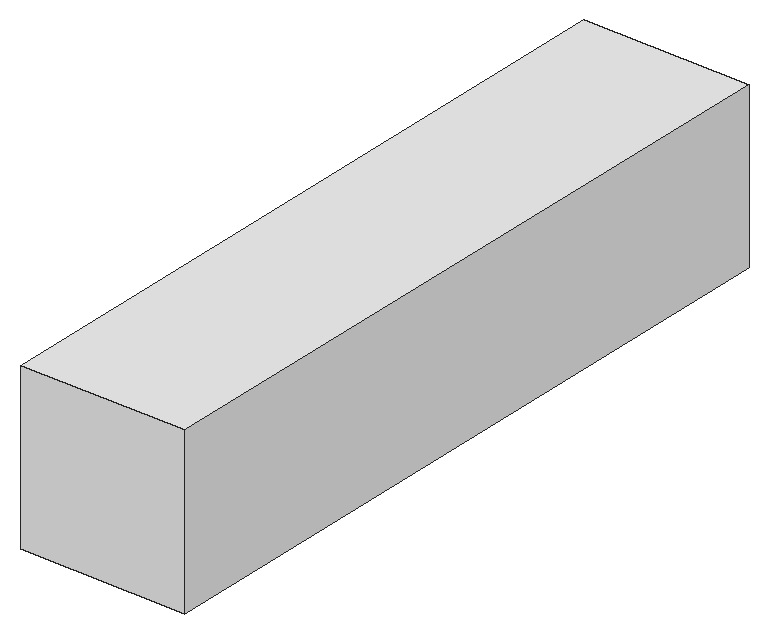
Revit family "Sanitary_Accessories_57112-PRESTO-Linea-Wall-mounted-sensor-mixer-FR", category Pipe Accessories, Revit 2018
Family settings
  Round Connector Dimension = Use Diameter
  Part Type = Normal
  Work Plane-Based = No
  Always vertical = Yes
  Cut with Voids When Loaded = No
  Shared = No
Parameters (values of type "57112 PRESTO Linea  - Robinet simple électronique mural pour lavabo")
  Youtube clip = ""
  Weight Net (Kg) = ""
  Uniformat II Description = ""
  Uniformat II Code = ""
  Uniclass 2015 Name = ""
  Uniclass 2015 Code = ""
  Uniclass 2.0 Description = ""
  Uniclass 2.0 Code = ""
  Uniclass 1.4 Description = ""
  Uniclass 1.4 Code = ""
  URL du produit = "http://www.prestodatashare.com/centretelechargement/index.php?lang=FR&refs=57112"
  URL = "http://www.presto.fr"
  UNSPSC Code = ""
  Technical description = "http://www.prestodatashare.com/espacedoc/Fiches_Techniques/GB/57112.pdf"
  Region South America = ""
  Region Oceania = ""
  Region North America = ""
  Region Middle East = ""
  Region Europe = ""
  Region Asia = ""
  Region Antarctica = ""
  Region Africa = ""
  Raccordement = "Alimentation hydraulique : Flexible G 3/8'' (12x17)\r\nAlimentation électrique avec transformateur 230 V AC / 7 V DC dans boîtier étanche IP65"  # constant formula
  QR code = "https://www.bimobject.com/presto/product/pre-linea-57112"
  Profondeur = 257.5 mm  # constant formula
  Product url = "http://www.prestodatashare.com/centretelechargement/index.php?lang=GB&refs=57112"
  Product name = "57112 PRESTO Linea - Wall-mounted sensor mixer"
  Product group = "Washbasin"
  Product family = "Sanitary"
  Product data url = "https://www.bimobject.com/presto/product/pre-linea-57112"
  Product certification = ""
  Product SKU = "PRE-LINEA-57112"
  Product Guid = "92b03407-377d-4357-ab6d-de287493a40a"
  Pression [instance] = "1 à 5 bars"  # constant formula
  Perte de charge [instance] = 5.00 bar
  OmniClass Description = ""
  OmniClass Code = ""
  NBS Reference Description = ""
  NBS Reference Code = ""
  Model = "57112"
  Matériau [instance] = Corps en laiton chromé, intérieur lisse
  Masterformat 2014 Description = ""
  Masterformat 2014 Code = ""
  Manufacturer name = "Presto"
  Manufacturer country = ""
  Manufacturer = "LES ROBINETS PRESTO S.A."  # constant formula
  Lien notice d'utilisation = "http://www.prestodatashare.com/centretelechargement/support.php?ref=57112&lang=FR"
  Lien fiche produit = "http://www.prestodatashare.com/espacedoc/Fiches_Techniques/FR/57112.pdf"
  Lien CCTP = "http://www.prestodatashare.com/centretelechargement/index.php?lang=FR&refs=57112"
  Largeur = 60 mm  # constant formula
  Installation instructions = "http://www.prestodatashare.com/centretelechargement/support.php?ref=57112&lang=GB"
  IFC Classification = ""
  Hauteur = 60 mm  # constant formula
  Garantie = "10 ans"  # constant formula
  Fonction = "Débit : 3 l/mn par régulateur de débit intégré\r\nAérateur anti-tartre haute qualité"  # constant formula
  Flux = 3.00183 L/min
  Edition number = 1
  EAN code = ""
  Diamètre Nominal = 9.5 mm  # constant formula
  Design country = ""
  Description = "Traversée de cloison, Secteur 230V, 3l/min\r\nDéclenchement sans contact adapté PMR"  # constant formula
  Date of publishing = ""
  COBIe Type Category = ""
  Brand url = ""
  BIMobject category = "Sanitary Accessories"
  Adresse = "7, RUE RACINE - 92542 MONTROUGE CEDEX FRANCE"  # constant formula
Reference planes
  plane 1 "Center (Front/Back)": y = 0
  plane 2: z = 0
  plane 3 "Center (Left/Right)": x = 0
  plane 4: x = -30
  plane 5: x = 30
  plane 6: y = -257.5
  plane 7: z = 60
Forms (mm)
  Extrusion 1, solid, material "Corps en laiton chromé, intérieur lisse" <- "Matériau", detail levels fine
    sketch origin (0, 0, 0) x (1, 0, 0) y (0, 1, 0)
      loop
        line (-30, 0) -> (-30, -257.5) -> (30, -257.5) -> (30, 0) -> (-30, 0)
    from 0 to 60
Lines and regions (mm)
  symbolic lines
    curve 1: line (-30, 0, 0) -> (30, 0, 0)
    curve 2: line (30, 0, 0) -> (-30, -257.5, 0)
    curve 3: line (-30, -257.5, 0) -> (30, -257.5, 0)
    curve 4: line (30, -257.5, 0) -> (-30, 0, 0)
  model lines, detail levels coarse+medium
    curve 5: line (-30, -257.5, 30) -> (30, -257.5, 30)
    curve 6: line (30, -257.5, 30) -> (-30, 0, 30)
    curve 7: line (-30, 0, 30) -> (30, 0, 30)
    curve 8: line (30, 0, 30) -> (-30, -257.5, 30)
Dimensions and locks
  equal spacing: plane 4, plane 3 "Center (Left/Right)", plane 5
  "Largeur": plane 4 to plane 5
  "Hauteur": plane 7 to level
  "Profondeur": plane 6 to plane 1 "Center (Front/Back)"
  aligned and locked: plane 2 to level
  aligned and locked: Extrusion 1 sketch curve to plane 4
  aligned and locked: plane 5 to Extrusion 1 sketch curve
  aligned and locked: Extrusion 1 sketch curve to plane 6
  aligned and locked: plane 7 to Extrusion 1
  aligned and locked: Extrusion 1 to plane 1 "Center (Front/Back)"
  aligned and locked: plane 6 to Extrusion 1
  aligned and locked: plane 4 to curve 4
  aligned and locked: curve 3 to plane 4
  aligned and locked: plane 5 to curve 2
  aligned and locked: plane 5 to curve 4
  aligned and locked: plane 6 to curve 4
  aligned and locked: plane 6 to curve 3
  aligned and locked: plane 1 "Center (Front/Back)" to curve 4
  aligned and locked: plane 1 "Center (Front/Back)" to curve 2
Automatic sketch dimensions
  plane 1 "Center (Front/Back)" to Extrusion 1 sketch curve = 0 mm
  curve 8 to plane 4 = 0 mm
  plane 1 "Center (Front/Back)" to curve 7 = 0 mm
  curve 7 to plane 4 = 0 mm
  curve 7 to plane 5 = 0 mm
  curve 6 to plane 5 = 0 mm
  plane 6 to curve 5 = 0 mm
Connectors
  piping at (0, 0, 30), diameter 9.5, driven by "Diamètre Nominal", driven by "Flux", driven by "Perte de charge"
    settings: on Extrusion 1, index 1, connector inside diameter 24", connector length 0 mm, flow factor 0, pipe flow 3.00183 L/min, pressure drop 5.00 bar, fitting loss kfactor 0, connector angle 0.00°, fixture units 0, engagement length 0 mm, angle of deflection 0.00°, flow configuration 0, flow direction 1, fitting loss method 4, system type 20, joint type 0, gender type 0, connector reference index -1, connector utility 0, adjustable connector no, is connector primary yes, connector description "Water input"
